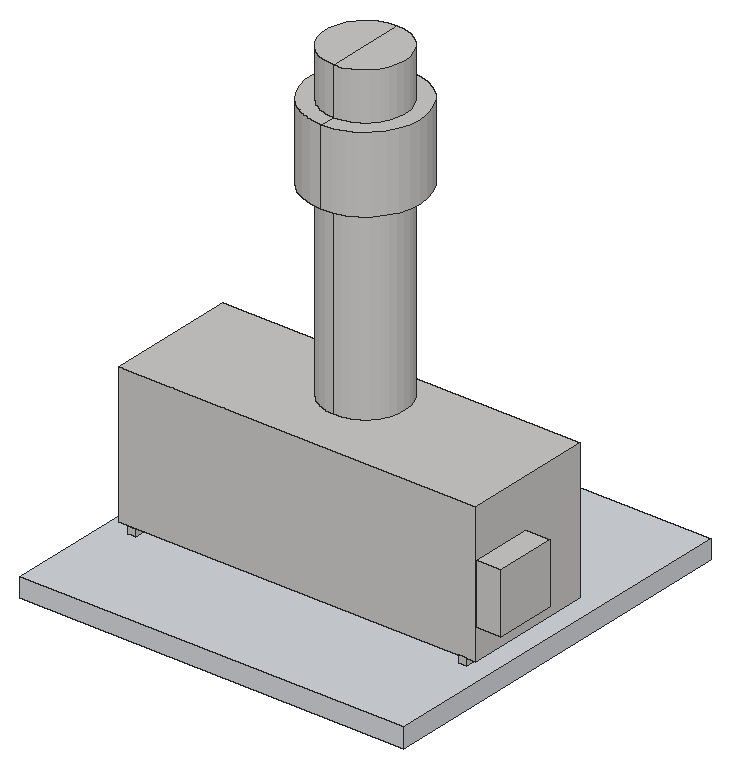
Revit family "DC_Rheem_PLM_Raypak_B1852HWT", category Plumbing Fixtures, host Face, Revit 2017
Family settings
  Host = Face
  Round Connector Dimension = Use Radius
  Part Type = Normal
  Cut with Voids When Loaded = No
  Shared = No
  Room Calculation Point = No
Parameters (values of type "Raypak - Gas Water Heater- Outdoor - 1772 MJ/h  Propane gas, modulating gas control")
  URL = "http://www.rheem.com.au/CommercialProducts"
  Type Comments = "Recovery 6794L/h @ 50°C rise\r\n\r\n"
  TopSmallDia_ANZRS = 505 mm  # constant formula
  TopH2_ANZRS = 480 mm
  TopH1_ANZRS = 300 mm
  TopBigDia_ANZRS = 700 mm
  PRVDiameter_ANZRS = PRVRadius_ANZRS * 2  # 20 mm
  Materials_ANZRS = Raypak - Grey Powder Coated Steel
  PRVRadius_ANZRS = 10 mm
  PVRDist_ANZRS = 85 mm
  Model = "B1852PCM/HWT\r\n\r\n"
  Manufacturer = "Raypak\r\n"
  Length_ANZRS = 2270 mm
  HotWaterPipeDist_ANZRS = 155 mm
  HotWaterPipeRadius_ANZRS = 32.5 mm
  HotWaterPipeDiameter_ANZRS = HotWaterPipeRadius_ANZRS * 2  # 65 mm
  Height_ANZRS = 2920 mm
  GasPipeRadius_ANZRS = 20 mm
  GasPipeHeight_ANZRS = 410 mm
  GasPipeDist_ANZRS = 130 mm
  GasPipeDiameter_ANZRS = GasPipeRadius_ANZRS * 2  # 40 mm
  EleBoxWidth_ANZRS = 160 mm
  EleBoxHeightfromBase_ANZRS = 245 mm
  EleBoxHeight_ANZRS = 380 mm
  DesignBy_ANZRS = "Design Content ©"
  Description = "Raypak - Gas Water Heater- Outdoor - 1772 MJ/h  Propane gas, modulating gas control\r\n\r\n\r\n"
  Default Elevation = 0 mm  # constant formula
  ConnHeight_ANZRS = 755 mm
  ColdWaterPipeRadius_ANZRS = 32.5 mm
  ColdWaterPipeDisi_ANZRS = 280 mm
  ColdWaterPipeDiameter_ANZRS = ColdWaterPipeRadius_ANZRS * 2  # 65 mm
  BoxHeight_ANZRS = 930 mm
  BaseWidth_ANZRS = 50 mm
  BaseHeight_ANZRS = 45 mm
  BaseDist_ANZRS = 60 mm
  Author_ANZRS = "DM"
  Assembly Code = ""
Types (5, lengths in mm): name | URL | Type Comments | PRVDiameter_ANZRS | PRVRadius_ANZRS | Model | GasPipeRadius_ANZRS | GasPipeDiameter_ANZRS | Description
  (no name) | "http://www.rheem.com.au/downloads/PDF/Raypak_Mechanical_Heating_Brochure_July_09.pdf\r\n" | "Recovery 7052L/h @ 50°C rise\r\n" | 30 | 15 | "B1852NCO/HWT\r\n" | 25 | 50 | "Raypak - Gas Water Heater- Outdoor - 1854 MJ/h  Natural gas, On/Off gas control\r\n\r\n"
  Raypak - Gas Water Heater- Outdoor - 1854 MJ/h  Natural gas, modulating gas control | "http://www.rheem.com.au/CommercialProducts" | "Recovery 7052L/h @ 50°C rise\r\n" | 20 | 10 | "B1852NCM/HWT\r\n" | 25 | 50 | "Raypak - Gas Water Heater- Outdoor - 1854 MJ/h  Natural gas, modulating gas control\r\n"
  Raypak - Gas Water Heater- Outdoor - 1854 MJ/h  Natural gas, On/Off gas control | "http://www.rheem.com.au/CommercialProducts" | "Recovery 7052L/h @ 50°C rise\r\n" | 30 | 15 | "B1852NCO/HWT\r\n" | 25 | 50 | "Raypak - Gas Water Heater- Outdoor - 1854 MJ/h  Natural gas, On/Off gas control\r\n\r\n"
  Raypak - Gas Water Heater- Outdoor - 1772 MJ/h  Propane gas, modulating gas control | "http://www.rheem.com.au/CommercialProducts" | "Recovery 6794L/h @ 50°C rise\r\n\r\n" | 20 | 10 | "B1852PCM/HWT\r\n\r\n" | 20 | 40 | "Raypak - Gas Water Heater- Outdoor - 1772 MJ/h  Propane gas, modulating gas control\r\n\r\n\r\n"
  Raypak - Gas Water Heater- Outdoor - 1772 MJ/h  Propane gas, On/Off gas control | "http://www.rheem.com.au/CommercialProducts" | "Recovery 6794L/h @ 50°C rise\r\n\r\n" | 20 | 10 | "B1852PCO/HWT\r\n" | 20 | 40 | "Raypak - Gas Water Heater- Outdoor - 1772 MJ/h  Propane gas, On/Off gas control\r\n\r\n\r\n\r\n"
Reference planes
  plane 1 "Center (Front/Back)": y = 0
  plane 2: z = 0
  plane 3 "Center (Left/Right)": x = 0
  plane 4: z = 45
  plane 5: x = -1135
  plane 6: x = 1135
  plane 7: x = 1295
  plane 8: z = 245
  plane 9: z = 930
  plane 10: x = -1075
  plane 11: x = 1075
  plane 12: x = -1025
  plane 13: x = 1025
  plane 14: y = 285
  plane 15: y = -540
  plane 16: z = 2920
  plane 17: z = 2620
  plane 18: z = 2140
  plane 19: y = 252.5
  plane 20: y = -252.5
  plane 21: y = 350
  plane 22: y = -350
  plane 23: z = 755
  plane 24: y = 200
  plane 25: y = 130
  plane 26: y = -150
  plane 27: y = -410
  plane 28: z = 410
  plane 29: z = 625
  plane 30: x = -252.5
  plane 31: x = 252.5
  plane 32: x = -350
  plane 33: x = 350
  plane 34: x = -1125
  plane 35: x = -1155
  plane 36: y = -155
Forms (mm)
  Extrusion 1, solid
    sketch origin (0, 0, 0) x (1, 0, 0) y (0, 1, 0)
      loop
        line (-1219.2, 1219.2) -> (-1219.2, -1219.2) -> (1219.2, -1219.2) -> (1219.2, 1219.2) -> (-1219.2, 1219.2)
    from 0 to -120
  Extrusion 2, solid, material "Raypak - Grey Powder Coated Steel" <- "Materials_ANZRS"
    sketch origin (0, 0, 0) x (1, 0, 0) y (0, 0, 1)
      loop
        line (-1075, 45) -> (-1075, 0) -> (-1025, 0) -> (-1025, 45) -> (-1075, 45)
      loop
        line (1025, 45) -> (1025, 0) -> (1075, 0) -> (1075, 45) -> (1025, 45)
    from -285 to 540
  Extrusion 3, solid, material "Raypak - Grey Powder Coated Steel" <- "Materials_ANZRS"
    sketch origin (0, 0, 0) x (1, 0, 0) y (0, 1, 0)
      loop
        line (-1135, 285) -> (-1135, -540) -> (1135, -540) -> (1135, 285) -> (-1135, 285)
    from 45 to 930
  Revolve 4, solid, material "Raypak - Grey Powder Coated Steel" <- "Materials_ANZRS"
    sketch origin (0, 0, 0) x (0, 1, 0) y (0, 0, 1)
      loop
        line (0, 2920) -> (-252.5, 2920) -> (-252.5, 2620) -> (-350, 2620) -> (-350, 2140) -> (-252.5, 2140) -> (-252.5, 930) -> (0, 930) -> (0, 2920)
      axis (0, 2920) -> (0, 930)
    angle from 0 to 360
  Extrusion 5, solid, material "Raypak - Grey Powder Coated Steel" <- "Materials_ANZRS"
    sketch origin (0, 0, 0) x (1, 0, 0) y (0, 0, 1)
      loop
        line (1135, 625) -> (1135, 245) -> (1295, 245) -> (1295, 625) -> (1135, 625)
    from 155 to 540
  Extrusion 6, void
    sketch origin (0, 0, 0) x (0, 1, 0) y (0, 0, 1)
      loop
        circle (200, 755) r 10
      loop
        circle (130, 755) r 32.5
      loop
        circle (-150, 755) r 32.5
    from -1135 to -1125
  Extrusion 7, solid, material "Raypak - Grey Powder Coated Steel" <- "Materials_ANZRS"
    sketch origin (0, 0, 0) x (0, 1, 0) y (0, 0, 1)
      loop
        circle (-410, 410) r 20
    from -1155 to -1135
Cuts and joins
  Extrusion 6 cuts Extrusion 3
  joined: Extrusion 3, Extrusion 7
Lines and regions (mm)
  Masking region 1
    outline origin (0, 0, 0) x (1, 0, 0) y (0, 1, 0)
      loop
        line (-1135, 285) -> (-1135, -395) -> (-1155, -395) -> (-1155, -425) -> (-1135, -425) -> (-1135, -540) -> (1295, -540) -> (1295, -155) -> (1135, -155) -> (1135, 285) -> (203.162, 285)
        arc (203.162, 285) -> (106.654, 333.354) -> (0, 350) r 350
        arc (0, 350) -> (-106.654, 333.354) -> (-203.162, 285) r 350
        line (-203.162, 285) -> (-1135, 285)
  Masking region 2
    outline origin (0, 0, 0) x (1, 0, 0) y (0, 0, 1)
      loop
        line (252.5, 2920) -> (-252.5, 2920) -> (-252.5, 2620) -> (-350, 2620) -> (-350, 2140) -> (-252.5, 2140) -> (-252.5, 930) -> (-1135, 930) -> (-1135, 425) -> (-1155, 425) -> (-1155, 395) -> (-1135, 395) -> (-1135, 45) -> (-1075, 45) -> (-1075, 0) -> (-1025, 0) -> (-1025, 45) -> (1025, 45) -> (1025, 0) -> (1075, 0) -> (1075, 45) -> (1135, 45) -> (1135, 245) -> (1295, 245) -> (1295, 625) -> (1135, 625) -> (1135, 930) -> (252.5, 930) -> (252.5, 2140) -> (350, 2140) -> (350, 2620) -> (252.5, 2620) -> (252.5, 2920)
  Masking region 3
    outline origin (0, 0, 0) x (0, 1, 0) y (0, 0, 1)
      loop
        line (252.5, 2920) -> (-252.5, 2920) -> (-252.5, 2620) -> (-350, 2620) -> (-350, 2140) -> (-252.5, 2140) -> (-252.5, 930) -> (-540, 930) -> (-540, 0) -> (285, 0) -> (285, 930) -> (252.5, 930) -> (252.5, 2140) -> (350, 2140) -> (350, 2620) -> (252.5, 2620) -> (252.5, 2920)
  symbolic lines, style "Rheem Raypak", detail levels fine
    curve 1: line (-350, 0, 2620) -> (-350, 0, 2140)
    curve 2: line (-350, 0, 2140) -> (350, 0, 2140)
    curve 3: line (-252.5, 0, 2140) -> (-252.5, 0, 930)
    curve 4: line (-252.5, 0, 2920) -> (-252.5, 0, 2620)
    curve 5: line (252.5, 0, 2920) -> (-252.5, 0, 2920)
    curve 6: line (252.5, 0, 2620) -> (252.5, 0, 2920)
    curve 7: line (350, 0, 2620) -> (-350, 0, 2620)
    curve 8: line (350, 0, 2140) -> (350, 0, 2620)
    curve 9: line (252.5, 0, 930) -> (252.5, 0, 2140)
    curve 10: line (1135, 0, 930) -> (-1135, 0, 930)
    curve 11: line (1135, 0, 45) -> (1135, 0, 930)
    curve 12: line (-1135, 0, 930) -> (-1135, 0, 45)
    curve 13: line (-1135, 0, 45) -> (1135, 0, 45)
    curve 14: line (-1025, 0, 0) -> (-1025, 0, 45)
    curve 15: line (-1075, 0, 0) -> (-1025, 0, 0)
    curve 16: line (-1075, 0, 45) -> (-1075, 0, 0)
    curve 17: line (1075, 0, 0) -> (1075, 0, 45)
    curve 18: line (1025, 0, 45) -> (1025, 0, 0)
    curve 19: line (1025, 0, 0) -> (1075, 0, 0)
    curve 20: line (1135, 0, 245) -> (1295, 0, 245)
    curve 21: line (1295, 0, 245) -> (1295, 0, 625)
    curve 22: line (1295, 0, 625) -> (1135, 0, 625)
    curve 23: line (-1155, 0, 395) -> (-1135, 0, 395)
    curve 24: line (-1155, 0, 425) -> (-1155, 0, 395)
    curve 25: line (-1135, 0, 425) -> (-1155, 0, 425)
    curve 26: line (0, -350, 2620) -> (0, 350, 2620)
    curve 27: line (0, -350, 2140) -> (0, 350, 2140)
    curve 28: line (0, 350, 2140) -> (0, 350, 2620)
    curve 29: line (0, -350, 2620) -> (0, -350, 2140)
    curve 30: line (0, -252.5, 2920) -> (0, -252.5, 2620)
    curve 31: line (0, 252.5, 2620) -> (0, 252.5, 2920)
    curve 32: line (0, -252.5, 2920) -> (0, 252.5, 2920)
    curve 33: line (0, -252.5, 2140) -> (0, -252.5, 930)
    curve 34: line (0, 252.5, 930) -> (0, 252.5, 2140)
    curve 35: line (0, 285, 930) -> (0, -540, 930)
    curve 36: line (0, -540, 930) -> (0, -540, 45)
    curve 37: line (0, 285, 45) -> (0, 285, 930)
    curve 38: line (0, -540, 45) -> (0, 285, 45)
    curve 39: line (0, 285, 0) -> (0, 285, 45)
    curve 40: line (0, -540, 45) -> (0, -540, 0)
    curve 41: line (0, -540, 0) -> (0, 285, 0)
    curve 42: arc (0, -182.5, 755) -> (0, -150, 722.5) -> (0, -117.5, 755) r 32.5
    curve 43: arc (0, -117.5, 755) -> (0, -150, 787.5) -> (0, -182.5, 755) r 32.5
    curve 44: arc (0, -390, 410) -> (0, -410, 390) -> (0, -430, 410) r 20
    curve 45: arc (0, -430, 410) -> (0, -410, 430) -> (0, -390, 410) r 20
    curve 46: arc (0, 97.5, 755) -> (0, 130, 722.5) -> (0, 162.5, 755) r 32.5
    curve 47: arc (0, 162.5, 755) -> (0, 130, 787.5) -> (0, 97.5, 755) r 32.5
    curve 48: arc (0, 190, 755) -> (0, 200, 745) -> (0, 210, 755) r 10
    curve 49: arc (0, 210, 755) -> (0, 200, 765) -> (0, 190, 755) r 10
    curve 50: arc (0, -350, 0) -> (-350, 0, 0) -> (0, 350, 0) r 350
    curve 51: arc (0, 350, 0) -> (350, 0, 0) -> (0, -350, 0) r 350
    curve 52: arc (0, 252.5, 0) -> (252.5, 0, 0) -> (0, -252.5, 0) r 252.5
    curve 53: arc (0, -252.5, 0) -> (-252.5, 0, 0) -> (0, 252.5, 0) r 252.5
    curve 54: line (1135, 285, 0) -> (230.662, 285, 0)
    curve 55: line (1135, -540, 0) -> (1135, 285, 0)
    curve 56: line (-1135, -540, 0) -> (1135, -540, 0)
    curve 57: line (-1135, 285, 0) -> (-1135, -540, 0)
    curve 58: line (1295, -155, 0) -> (1135, -155, 0)
    curve 59: line (1295, -540, 0) -> (1295, -155, 0)
    curve 60: line (1135, -540, 0) -> (1295, -540, 0)
    curve 61: line (-1155, -395, 0) -> (-1155, -425, 0)
    curve 62: line (-230.662, 285, 0) -> (-1135, 285, 0)
    curve 63: line (-1155, -395, 0) -> (-1135, -395, 0)
    curve 64: line (-1155, -425, 0) -> (-1135, -425, 0)
Dimensions and locks
  "BaseHeight_ANZRS": plane 4 to level
  equal spacing: plane 6, plane 3 "Center (Left/Right)", plane 5
  "Length_ANZRS": plane 5 to plane 6
  "EleBoxWidth_ANZRS": plane 6 to plane 7
  "EleBoxHeightfromBase_ANZRS": plane 8 to Extrusion 1
  "EleBoxHeight_ANZRS": plane 29 to plane 8
  "BaseDist_ANZRS": plane 10 to plane 5
  "BaseDist_ANZRS": plane 11 to plane 6
  "BaseWidth_ANZRS": plane 10 to plane 12
  "BaseWidth_ANZRS": plane 11 to plane 13
  plane 1 "Center (Front/Back)" to plane 15 = 540 mm
  plane 14 to plane 15 = 825 mm
  "Height_ANZRS": plane 16 to Extrusion 1
  "TopSmallDia_ANZRS": plane 19 to plane 20
  equal spacing: plane 19, plane 1 "Center (Front/Back)", plane 20
  equal spacing: plane 21, plane 1 "Center (Front/Back)", plane 22
  "TopBigDia_ANZRS": plane 21 to plane 22
  "ConnHeight_ANZRS": plane 23 to Extrusion 1
  "BoxHeight_ANZRS": plane 9 to Extrusion 1
  "PVRDist_ANZRS": plane 14 to plane 24
  "HotWaterPipeDist_ANZRS": plane 14 to plane 25
  "ColdWaterPipeDisi_ANZRS": plane 25 to plane 26
  "GasPipeDist_ANZRS": plane 27 to plane 15
  "GasPipeHeight_ANZRS": plane 28 to Extrusion 1
  "TopH1_ANZRS": plane 16 to plane 17
  "TopH2_ANZRS": plane 17 to plane 18
  equal spacing: plane 32, plane 3 "Center (Left/Right)", plane 33
  "TopSmallDia_ANZRS": plane 30 to plane 31
  equal spacing: plane 30, plane 3 "Center (Left/Right)", plane 31
  "TopBigDia_ANZRS": plane 32 to plane 33
  locked: plane 5 to plane 34 at 10
  locked: plane 35 to plane 5 at 20
  plane 36 to plane 15 = 385 mm
  "ColdWaterPipeRadius_ANZRS": radius of Extrusion 6 sketch curve
  "HotWaterPipeRadius_ANZRS": radius of Extrusion 6 sketch curve
  "PRVRadius_ANZRS": radius of Extrusion 6 sketch curve
  "GasPipeRadius_ANZRS": radius of Extrusion 7 sketch curve
  aligned and locked: plane 2 to Extrusion 1
  aligned and locked: level to Extrusion 1
  aligned and locked: Extrusion 2 sketch curve to plane 4  (x2)
  aligned and locked: Extrusion 2 sketch curve to plane 10
  aligned and locked: level to Extrusion 2 sketch curve  (x2)
  aligned and locked: plane 12 to Extrusion 2 sketch curve
  aligned and locked: plane 13 to Extrusion 2 sketch curve
  aligned and locked: plane 11 to Extrusion 2 sketch curve
  aligned and locked: plane 14 to Extrusion 3 sketch curve
  aligned and locked: plane 15 to Extrusion 3 sketch curve
  aligned and locked: plane 6 to Extrusion 3 sketch curve
  aligned and locked: plane 9 to Extrusion 3
  aligned and locked: Extrusion 3 to plane 4
  aligned and locked: Extrusion 2 to plane 15
  aligned and locked: Extrusion 2 to plane 14
  aligned and locked: plane 16 to Revolve 4 sketch curve
  aligned and locked: Revolve 4 sketch curve to plane 20
  aligned and locked: Revolve 4 sketch curve to plane 22
  aligned and locked: plane 9 to Revolve 4 sketch curve
  aligned and locked: Revolve 4 sketch curve to plane 1 "Center (Front/Back)"
  aligned and locked: Extrusion 5 sketch curve to plane 29
  aligned and locked: Extrusion 5 sketch curve to plane 6
  aligned and locked: Extrusion 5 sketch curve to plane 8
  aligned and locked: plane 7 to Extrusion 5 sketch curve
  aligned: Extrusion 2 to Extrusion 5
  aligned and locked: Extrusion 5 to Extrusion 2
  aligned and locked: plane 24 to Extrusion 6 sketch curve
  aligned and locked: plane 23 to Extrusion 6 sketch curve  (x3)
  aligned and locked: plane 25 to Extrusion 6 sketch curve
  aligned and locked: plane 26 to Extrusion 6 sketch curve
  aligned and locked: Extrusion 3 to plane 5
  aligned and locked: Extrusion 6 to plane 5
  aligned and locked: Extrusion 6 to plane 34
  aligned and locked: plane 28 to Extrusion 7 sketch curve
  aligned and locked: plane 27 to Extrusion 7 sketch curve
  aligned and locked: plane 35 to Extrusion 7
  aligned: Extrusion 7 to plane 34
  aligned and locked: plane 5 to Extrusion 7
  aligned and locked: Masking region 1 sketch curve to cut or joined group of Extrusion 3, Extrusion 6, Extrusion 7  (x2)
  aligned and locked: Masking region 1 sketch curve to Extrusion 5  (x2)
  aligned and locked: cut or joined group of Extrusion 3, Extrusion 6, Extrusion 7 to Masking region 1 sketch curve
  aligned and locked: Masking region 1 sketch curve to Revolve 4  (x2)
  aligned and locked: Masking region 2 sketch curve to plane 31
  aligned and locked: Masking region 2 sketch curve to plane 30
  aligned and locked: Masking region 2 sketch curve to plane 16
  aligned and locked: Masking region 2 sketch curve to plane 17
  aligned and locked: Masking region 2 sketch curve to plane 18
  aligned and locked: plane 33 to Masking region 2 sketch curve
  aligned and locked: Masking region 2 sketch curve to plane 32
  aligned and locked: Masking region 2 sketch curve to plane 9
  aligned and locked: plane 6 to Masking region 2 sketch curve
  aligned and locked: Masking region 2 sketch curve to plane 29
  aligned and locked: Masking region 2 sketch curve to plane 8
  aligned and locked: plane 7 to Masking region 2 sketch curve
  aligned and locked: cut or joined group of Extrusion 3, Extrusion 6, Extrusion 7 to Masking region 2 sketch curve
  aligned and locked: Masking region 2 sketch curve to plane 5
  aligned and locked: Extrusion 1 to Masking region 2 sketch curve  (x2)
  aligned and locked: plane 16 to Masking region 3 sketch curve
  aligned and locked: plane 17 to Masking region 3 sketch curve
  aligned and locked: Masking region 3 sketch curve to plane 22
  aligned and locked: plane 21 to Masking region 3 sketch curve
  aligned and locked: plane 19 to Masking region 3 sketch curve
  aligned and locked: Masking region 3 sketch curve to plane 20
  aligned and locked: plane 9 to Masking region 3 sketch curve
  aligned and locked: Masking region 3 sketch curve to plane 15
  aligned and locked: plane 14 to Masking region 3 sketch curve
  aligned and locked: Extrusion 1 to Masking region 3 sketch curve
  aligned and locked: plane 18 to Masking region 3 sketch curve
  aligned and locked: Masking region 2 sketch curve to plane 12
  aligned and locked: Masking region 2 sketch curve to plane 10
  aligned and locked: Masking region 2 sketch curve to plane 11
  aligned and locked: plane 13 to Masking region 2 sketch curve
  aligned and locked: Masking region 2 sketch curve to plane 4  (x3)
  aligned and locked: curve 1 to Masking region 2
  aligned and locked: curve 2 to Masking region 2
  aligned and locked: curve 3 to Masking region 2
  aligned and locked: curve 4 to Masking region 2
  aligned and locked: curve 5 to Masking region 2
  aligned and locked: curve 6 to Masking region 2
  aligned and locked: curve 7 to Masking region 2
  aligned and locked: curve 8 to Masking region 2
  aligned and locked: curve 9 to Masking region 2
  aligned and locked: curve 10 to cut or joined group of Extrusion 3, Extrusion 6, Extrusion 7
  aligned and locked: curve 11 to cut or joined group of Extrusion 3, Extrusion 6, Extrusion 7
  aligned and locked: curve 12 to cut or joined group of Extrusion 3, Extrusion 6, Extrusion 7
  aligned and locked: curve 13 to cut or joined group of Extrusion 3, Extrusion 6, Extrusion 7
  aligned and locked: curve 14 to Extrusion 2
  aligned and locked: curve 15 to Extrusion 2
  aligned and locked: curve 16 to Extrusion 2
  aligned and locked: curve 17 to Extrusion 2
  aligned and locked: curve 18 to Extrusion 2
  aligned and locked: curve 19 to Extrusion 2
  aligned and locked: curve 20 to Extrusion 5
  aligned and locked: curve 21 to Extrusion 5
  aligned and locked: curve 22 to Extrusion 5
  aligned and locked: curve 23 to Masking region 2
  aligned and locked: cut or joined group of Extrusion 3, Extrusion 6, Extrusion 7 to curve 24
  aligned and locked: curve 25 to Masking region 2
  aligned and locked: curve 26 to Revolve 4
  aligned and locked: curve 27 to Revolve 4
  aligned and locked: curve 28 to Masking region 3
  aligned and locked: curve 29 to Masking region 3
  aligned and locked: curve 30 to Masking region 3
  aligned and locked: curve 31 to Masking region 3
  aligned and locked: curve 32 to Revolve 4
  aligned and locked: curve 33 to Masking region 3
  aligned and locked: curve 34 to Masking region 3
  aligned and locked: curve 35 to cut or joined group of Extrusion 3, Extrusion 6, Extrusion 7
  aligned and locked: curve 36 to cut or joined group of Extrusion 3, Extrusion 6, Extrusion 7
  aligned and locked: curve 37 to cut or joined group of Extrusion 3, Extrusion 6, Extrusion 7
  aligned and locked: curve 38 to cut or joined group of Extrusion 3, Extrusion 6, Extrusion 7
  aligned and locked: curve 39 to Extrusion 2
  aligned and locked: curve 40 to Extrusion 2
  aligned and locked: curve 41 to Extrusion 2
  aligned and locked: curve 50 to Revolve 4
  aligned and locked: curve 51 to Revolve 4
  aligned and locked: curve 52 to Revolve 4
  aligned and locked: curve 53 to Revolve 4
  aligned and locked: curve 54 to cut or joined group of Extrusion 3, Extrusion 6, Extrusion 7
  aligned and locked: curve 55 to cut or joined group of Extrusion 3, Extrusion 6, Extrusion 7
  aligned and locked: curve 56 to cut or joined group of Extrusion 3, Extrusion 6, Extrusion 7
  aligned and locked: curve 57 to cut or joined group of Extrusion 3, Extrusion 6, Extrusion 7
  aligned: curve 58 to Extrusion 5
  aligned and locked: curve 59 to Extrusion 5
  aligned and locked: curve 60 to Extrusion 5
  aligned and locked: cut or joined group of Extrusion 3, Extrusion 6, Extrusion 7 to curve 61
  aligned and locked: plane 36 to Extrusion 5
  aligned and locked: plane 6 to Masking region 1 sketch curve
  aligned and locked: Masking region 1 sketch curve to plane 36
  aligned and locked: curve 42 to cut or joined group of Extrusion 3, Extrusion 6, Extrusion 7
  aligned and locked: curve 45 to cut or joined group of Extrusion 3, Extrusion 6, Extrusion 7
Automatic sketch dimensions
  Extrusion 1 sketch curve to Extrusion 1 sketch curve = 2438.4 mm  (x2)
  Revolve 4 sketch curve to plane 1 "Center (Front/Back)" = 0 mm
  Revolve 4 sketch curve to plane 16 = 51.193 mm
  Revolve 4 sketch curve to level = 2207.352 mm
  Revolve 4 sketch curve to plane 18 = 0 mm
  Revolve 4 sketch curve to plane 20 = 0 mm
  Revolve 4 sketch curve to plane 17 = 0 mm
  Extrusion 3 sketch curve to plane 5 = 0 mm
  plane 27 to Masking region 1 sketch curve = 15 mm
  Masking region 1 sketch curve to plane 27 = 15 mm
  Masking region 1 sketch curve to plane 5 = 0 mm
  plane 14 to Masking region 1 sketch curve = 0 mm
  plane 30 to Masking region 2 sketch curve = 0 mm
  Masking region 2 sketch curve to plane 18 = 0 mm
  Masking region 2 sketch curve to plane 31 = 0 mm
  Masking region 2 sketch curve to plane 9 = 0 mm
  Masking region 2 sketch curve to plane 17 = 0 mm
  Masking region 2 sketch curve to plane 28 = 15 mm
  Masking region 2 sketch curve to plane 5 = 0 mm
  plane 28 to Masking region 2 sketch curve = 15 mm
  Masking region 3 sketch curve to plane 19 = 0 mm
  Masking region 3 sketch curve to plane 17 = 0 mm
  Masking region 3 sketch curve to plane 20 = 0 mm
  Masking region 3 sketch curve to plane 18 = 0 mm
  Masking region 3 sketch curve to plane 9 = 0 mm
  plane 6 to Masking region 2 sketch curve = 0 mm
  curve 3 to plane 9 = 0 mm
  curve 4 to plane 16 = 0 mm
  curve 5 to plane 31 = 0 mm
  curve 7 to plane 33 = 0 mm
  curve 8 to plane 18 = 0 mm
  curve 10 to plane 5 = 0 mm
  plane 6 to curve 10 = 0 mm
  curve 11 to plane 4 = 0 mm
  curve 14 to level = 0 mm
  plane 12 to curve 14 = 0 mm
  plane 10 to curve 15 = 0 mm
  curve 17 to level = 0 mm
  plane 11 to curve 17 = 0 mm
  curve 18 to plane 13 = 0 mm
  plane 7 to curve 20 = 0 mm
  curve 20 to plane 8 = 0 mm
  curve 21 to plane 29 = 0 mm
  plane 35 to curve 23 = 0 mm
  curve 23 to plane 28 = 15 mm
  plane 28 to curve 24 = 15 mm
  curve 9 to plane 31 = 0 mm
  plane 30 to curve 3 = 0 mm
  plane 32 to curve 1 = 0 mm
  plane 30 to curve 4 = 0 mm
  curve 1 to plane 17 = 0 mm
  curve 27 to plane 18 = 0 mm
  curve 27 to plane 22 = 0 mm
  curve 26 to plane 17 = 0 mm
  curve 27 to plane 21 = 0 mm
  curve 30 to plane 20 = 0 mm
  curve 31 to plane 19 = 0 mm
  curve 31 to plane 16 = 0 mm
  curve 33 to plane 20 = 0 mm
  curve 33 to plane 9 = 0 mm
  curve 34 to plane 19 = 0 mm
  curve 35 to plane 15 = 0 mm
  curve 35 to plane 14 = 0 mm
  curve 37 to plane 4 = 0 mm
  curve 40 to level = 0 mm
  curve 46 to plane 23 = 0 mm
  curve 47 to plane 25 = 0 mm
  curve 46 to curve 46 = 32.5 mm
  curve 48 to plane 23 = 0 mm
  curve 49 to plane 24 = 0 mm
  plane 24 to curve 48 = 10 mm
  curve 61 to plane 35 = 0 mm
  curve 62 to plane 5 = 0 mm
  plane 14 to curve 62 = 0 mm
  plane 14 to curve 54 = 0 mm
  curve 58 to plane 6 = 0 mm
  curve 60 to plane 7 = 0 mm
  curve 56 to plane 15 = 0 mm
  curve 58 to plane 36 = 0 mm
  plane 14 to curve 59 = 440 mm
  curve 62 to plane 30 = 21.838 mm
  curve 54 to plane 31 = 21.838 mm
  plane 27 to curve 64 = 15 mm
  curve 63 to plane 27 = 15 mm
Connectors
  piping at (-1135, 200, 755), diameter 20, driven by "PRVRadius_ANZRS"
    settings: on cut or joined group of Extrusion 3, Extrusion 6, Extrusion 7, index 1, connector inside diameter 1.1811", connector length 0 mm, flow factor 0, pipe flow 0 GPM, pressure drop 0.00 psi, fitting loss kfactor 0, connector angle 0.00°, fixture units 0, engagement length 0 mm, angle of deflection 0.00°, flow configuration 1, flow direction 2, fitting loss method 0, system type 22, joint type 0, gender type 0, connector reference index -1, connector utility 0, adjustable connector no, is connector primary yes, connector description "PRV"
  piping at (-1135, 130, 755), diameter 65, driven by "HotWaterPipeRadius_ANZRS"
    settings: on cut or joined group of Extrusion 3, Extrusion 6, Extrusion 7, index 2, connector inside diameter 2.55906", connector length 0 mm, flow factor 0, pipe flow 0 GPM, pressure drop 0.00 psi, fitting loss kfactor 0, connector angle 0.00°, fixture units 0, engagement length 0 mm, angle of deflection 0.00°, flow configuration 1, flow direction 2, fitting loss method 0, system type 19, joint type 0, gender type 0, connector reference index -1, connector utility 0, adjustable connector no, is connector primary no, connector description ""
  piping at (-1135, -150, 755), diameter 65, driven by "ColdWaterPipeRadius_ANZRS"
    settings: on cut or joined group of Extrusion 3, Extrusion 6, Extrusion 7, index 3, connector inside diameter 2.55906", connector length 0 mm, flow factor 0, pipe flow 0 GPM, pressure drop 0.00 psi, fitting loss kfactor 0, connector angle 0.00°, fixture units 0, engagement length 0 mm, angle of deflection 0.00°, flow configuration 1, flow direction 1, fitting loss method 0, system type 20, joint type 0, gender type 0, connector reference index -1, connector utility 0, adjustable connector no, is connector primary no, connector description ""
  piping at (-1155, -410, 410), diameter 40, driven by "GasPipeRadius_ANZRS"
    settings: on cut or joined group of Extrusion 3, Extrusion 6, Extrusion 7, index 4, connector inside diameter 1.9685", connector length 0 mm, flow factor 0, pipe flow 0 GPM, pressure drop 0.00 psi, fitting loss kfactor 0, connector angle 0.00°, fixture units 0, engagement length 0 mm, angle of deflection 0.00°, flow configuration 1, flow direction 1, fitting loss method 0, system type 22, joint type 0, gender type 0, connector reference index -1, connector utility 0, adjustable connector no, is connector primary no, connector description "Gas"
